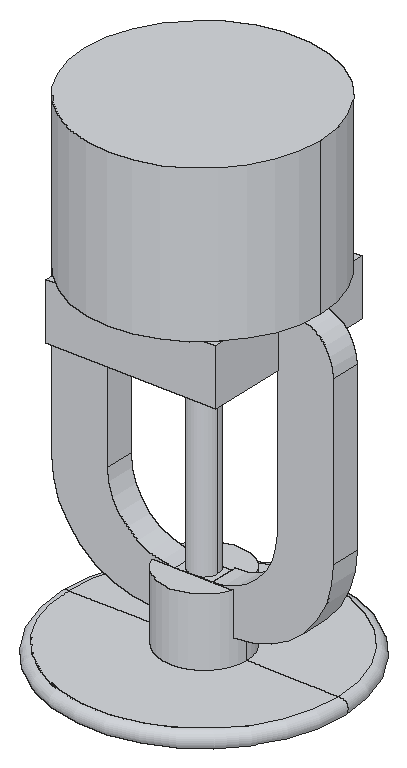
Revit family
Parameters (values of type "RASCO F1-300 PENDENT")
  Temperature Rating = 155 °F
  Response = (empty or 0)
  RASCO SIN # = "R5512"
  RASCO Part # = "FP1LW3"
  Pressure Rating = "300 PSI"
  Pressure Class = 1
  Orifice Size = 17/32"
  Orifice = (empty or 0)
  Model = "F1-300"
  Manufacturer = "RASCO"
  K-Factor = 8
  Description = "White Finish"
  Coverage = (empty or 0)
Reference planes (in)
  plane 1 "Center (Front/Back)": y = 0
  plane 2: z = 0
  plane 3 "Center (Left/Right)": x = 0
Dimensions and locks (in)
  aligned and locked: plane 2 to level
Nested families (in)
  nested 1: "FP1LW3" at (-0.01148, 0, 2.4375) x (-1, 0, 0) z (0, 0, -1), type "RASCO F1-300 PENDENT"
Connectors (in)
  piping at (-0.01148, 0, 2.4375)
    settings: on nested 1, index 1, connector radius 1/2", flow factor 0, pipe flow 0 GPM, pressure drop 0.00 psi, fitting loss kfactor 0, connector angle 0.00°, fixture units 0, flow configuration 0, flow direction 0, fitting loss method 0, system type 7, connector reference index -1, connector utility 0, adjustable connector no, is connector primary yes, fitting loss table "", connector description ""
Definition of nested family "FP1LW3"
  Parameters (values of type "RASCO F1-300 PENDENT")
    Type Comments = ""
    Temperature Rating = 0 °F
    Response = (empty or 0)
    Pressure Rating = "0"
    Pressure Class = (empty or 0)
    Orifice Size = 0"
    Orifice = (empty or 0)
    Model = ""
    Manufacturer = ""
    K-Factor = 0
    Description = ""
    Coverage = (empty or 0)
    Assembly Code = ""
  Reference planes (in)
    plane 1 "Center (Front/Back)": y = 0
    plane 2: z = 0
    plane 3 "ref.2": z = 0.6875
    plane 4 "ref.3": z = 0.9375
    plane 5: x = -0.38065
    plane 6: x = 0.36935
    plane 7 "ref. side 1": y = 0.06402
    plane 8 "ref. side 2": y = -0.06098
    plane 9 "ref.4": z = 1.875
    plane 10 "ref.5": z = 2.3125
    plane 11 "ref.6": z = 2.4375
  Forms (in)
    Extrusion 1, solid
      sketch origin (0, 0, 0) x (1, 0, 0) y (0, 1, 0)
        loop
          circle (0, 0) r 0.5221
      from 0 to 0.6875
    Extrusion 2, solid
      sketch origin (-0.12185, 0.05177, 0.6875) x (1, 0, 0) y (0, 1, 0)
        loop
          line (-0.2588, 0.356) -> (-0.2588, -0.4565) -> (0.4912, -0.4565) -> (0.4912, 0.356) -> (-0.2588, 0.356)
      from 0 to 0.25
    Extrusion 3, solid
      sketch origin (0, 0, 0) x (1, 0, 0) y (0, 0, 1)
        loop
          line (-0.38065, 0.69674) -> (-0.38065, 1.58397)
          arc (-0.38065, 1.58397) -> (-0.29541, 1.78976) -> (-0.08962, 1.875) r 0.29103
          line (-0.08962, 1.875) -> (0.07524, 1.875)
          arc (0.07524, 1.875) -> (0.28321, 1.78886) -> (0.36935, 1.58089) r 0.29411
          line (0.36935, 1.58089) -> (0.36935, 0.69728)
          arc (0.36935, 0.69728) -> (0.54046, 0.72329) -> (0.61935, 0.87734) r 0.18984
          line (0.61935, 0.87734) -> (0.61935, 1.61676)
          arc (0.61935, 1.61676) -> (0.48879, 1.93194) -> (0.17361, 2.0625) r 0.44574
          line (0.17361, 2.0625) -> (-0.18509, 2.0625)
          arc (-0.18509, 2.0625) -> (-0.50015, 1.932) -> (-0.63065, 1.61694) r 0.44556
          line (-0.63065, 1.61694) -> (-0.63065, 0.87876)
          arc (-0.63065, 0.87876) -> (-0.55196, 0.72414) -> (-0.38065, 0.69674) r 0.19126
      from -0.06402 to 0.06098
    Extrusion 4, solid
      sketch origin (0, 0, 0.9375) x (-1, 0, 0) y (0, -1, 0)
        loop
          circle (0.00574, -0.00152) r 0.0625
      from 0 to 0.9375
    Extrusion 5, solid
      sketch origin (0, 0, 1.875) x (-1, 0, 0) y (0, -1, 0)
        loop
          circle (0.00574, -0.00152) r 0.1875
      from 0 to 0.4375
    Revolve 6, solid
      sketch origin (0, 0, -0.2777) x (1, 0, 0) y (0, 0, 1)
        loop
          line (-0.19324, 2.4529) -> (-0.19324, 2.52696) -> (-0.60485, 2.52696)
          arc (-0.60485, 2.52696) -> (-0.64188, 2.48993) -> (-0.60485, 2.4529) r 0.03703
          line (-0.60485, 2.4529) -> (-0.19324, 2.4529)
        axis (-0.00574, 2.4529) -> (-0.00574, 2.52696)
      angle from 0 to 360
  Cuts and joins
    joined: Extrusion 1, Extrusion 2, Extrusion 4, Revolve 6
  Lines and regions (in)
    model lines
      curve 1: line (-0.00574, 0.06402, 1.875) -> (-0.00574, -0.06098, 1.875)
  Dimensions and locks (in)
    Extrusion 3 to Extrusion 3 = 0' - 1 1/4"
    Extrusion 5 to cut or joined group of Extrusion 1, Extrusion 2, Extrusion 4, Revolve 6 = 0' - 2 5/16"
